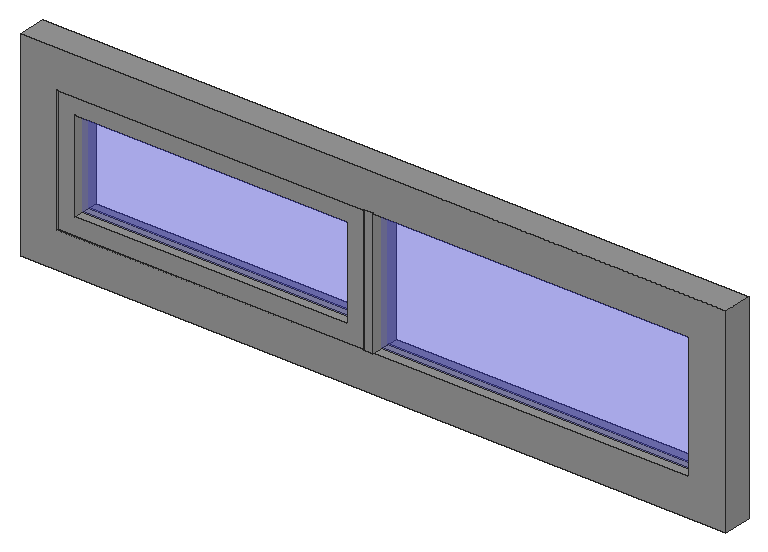
Revit family "Family60", category Windows, host Wall, Revit 2018
Family settings
  Host = Wall
  OmniClass Number = 23.30.20.00
  OmniClass Title = Windows
  Always vertical = Yes
  Cut with Voids When Loaded = No
  Shared = No
  Room Calculation Point = No
Parameters
  Window Frame = 84 mm
  Visual Light Transmittance = 0.81
  URL = "www.skywardwindows.co.za"
  Thermal Resistance (R) = 0.3196 (m²·K)/W
  Telephone = "021 276 1800"
  Solar Heat Gain Coefficient = 0.76
  Manufacturer = "Skyward Windows"
  Height = 590 mm
  Heat Transfer Coefficient (U) = 3.1292 W/(m²·K)
  Glass Thickness = 4 mm
  Glass = Glass
  Frame = White
  Email Address = "info@skywardwindows.co.za"
  Default Sill Height = 800 mm
  Wall Closure = By host
  Width = 2090 mm
  Company Address = "Charles Matthews Street Atlantis 7349"
  Analytic Construction = "Double glazing - domestic"
Reference planes
  plane 1 "Center (Front/Back)": y = 0
  plane 2 "Center (Left/Right)": x = 0
  plane 3 "Left": x = -1045
  plane 4 "Right": x = 1045
  plane 5 "Sill": z = 800
  plane 6 "Head": z = 1390
  plane 7 "Exterior": y = 100
  plane 8 "Interior": y = -100
Forms (mm)
  Extrusion 1, solid, material "White" <- "Frame"
    sketch origin (0, -100, 0) x (1, 0, 0) y (0, 0, 1)
      loop
        line (-1045, 1390) -> (-1045, 800) -> (1045, 800) -> (1045, 1390) -> (-1045, 1390)
      loop
        line (-936, 909) -> (936, 909) -> (936, 1281) -> (-936, 1281) -> (-936, 909)
    from -142 to -58
  Extrusion 2, solid, material "White" <- "Frame"
    sketch origin (0, -100, 0) x (1, 0, 0) y (0, 0, 1)
      loop
        line (-936, 1281) -> (-936, 909) -> (-27.495, 909) -> (-27.495, 1281) -> (-936, 1281)
      loop
        line (-886, 1231) -> (-886, 959) -> (-77.495, 959) -> (-77.495, 1231) -> (-886, 1231)
    from -140 to -60
  Extrusion 3, solid, material "White" <- "Frame"
    sketch origin (0, -100, 0) x (1, 0, 0) y (0, 0, 1)
      loop
        line (-27.495, 1281) -> (-27.495, 909) -> (0, 909) -> (0, 1281) -> (-27.495, 1281)
    from -142 to -58
  Extrusion 4, solid, material "Glass" <- "Glass"
    sketch origin (0, 0, 0) x (1, 0, 0) y (0, 1, 0)
      loop
        line (-886, 14) -> (-886, 10) -> (-77.495, 10) -> (-77.495, 14) -> (-886, 14)
      loop
        line (-886, -10) -> (-886, -14) -> (-77.495, -14) -> (-77.495, -10) -> (-886, -10)
    from 959 to 1231
  Extrusion 5, solid, material "Glass" <- "Glass"
    sketch origin (0, 0, 0) x (1, 0, 0) y (0, 1, 0)
      loop
        line (0, 14) -> (0, 10) -> (936, 10) -> (936, 14) -> (0, 14)
      loop
        line (936, -10) -> (0, -10) -> (0, -14) -> (936, -14) -> (936, -10)
    from 909 to 1281
Lines and regions (mm)
  Opening 1
    outline origin (3500, -100, 0) x (1, 0, 0) y (0, 0, 1)
      loop
        line (-2455, 800) -> (-2455, 1390) -> (-4545, 1390) -> (-4545, 800) -> (-2455, 800)
Text (mm)
  text "EXTERIOR" at (-1963.203, 1332.353, 0), in view "Ref. Level"
  text "INTERIOR" at (-1981.466, -818.386, 0), in view "Ref. Level"
  text "Exterior" at (0, 923.751, 2943.296), in view "Right"
  text "Exterior" at (0, 1040.484, 2685.409), in view "Left"
Dimensions and locks
  equal spacing: plane 3 "Left", plane 2 "Center (Left/Right)", plane 4 "Right"
  "Width": plane 3 "Left" to plane 4 "Right"
  "Height": plane 5 "Sill" to plane 6 "Head"
  "Default Sill Height": plane 5 "Sill" to level
  locked: plane 7 "Exterior" to host wall at 0
  locked: plane 8 "Interior" to host wall
  "Window Frame": Extrusion 1 to Extrusion 1
  "Glass Thickness": Extrusion 4 to Extrusion 4
  "Glass Thickness": Extrusion 5 to Extrusion 5
  aligned and locked: Extrusion 1 sketch curve to host wall  (x4)
  aligned and locked: Extrusion 4 to Extrusion 2
Automatic sketch dimensions
  Opening 1 sketch curve to plane 3 "Left" = 0 mm
  Opening 1 sketch curve to plane 4 "Right" = 0 mm
  Opening 1 sketch curve to plane 5 "Sill" = 0 mm
  Opening 1 sketch curve to plane 6 "Head" = 0 mm
  Extrusion 1 sketch curve to plane 3 "Left" = 109 mm
  plane 4 "Right" to Extrusion 1 sketch curve = 109 mm
  Extrusion 1 sketch curve to plane 5 "Sill" = 109 mm
  plane 6 "Head" to Extrusion 1 sketch curve = 109 mm
  Extrusion 2 sketch curve to plane 3 "Left" = 109 mm
  Extrusion 2 sketch curve to Extrusion 2 sketch curve = 50 mm  (x3)
  plane 2 "Center (Left/Right)" to Extrusion 2 sketch curve = 77.495 mm
  plane 2 "Center (Left/Right)" to Extrusion 2 sketch curve = 27.495 mm
  Extrusion 2 sketch curve to plane 5 "Sill" = 109 mm
  plane 6 "Head" to Extrusion 2 sketch curve = 159 mm
  plane 2 "Center (Left/Right)" to Extrusion 3 sketch curve = 0 mm
  plane 2 "Center (Left/Right)" to Extrusion 3 sketch curve = 27.495 mm
  Extrusion 3 sketch curve to plane 5 "Sill" = 109 mm
  plane 6 "Head" to Extrusion 3 sketch curve = 109 mm
  Extrusion 4 sketch curve to host wall = 14 mm
  Extrusion 4 sketch curve to plane 3 "Left" = 159 mm
  Extrusion 4 sketch curve to Extrusion 4 sketch curve = 0 mm  (x2)
  host wall to Extrusion 4 sketch curve = 10 mm
  plane 2 "Center (Left/Right)" to Extrusion 4 sketch curve = 77.495 mm
  Extrusion 4 sketch curve to Extrusion 4 sketch curve = 4 mm  (x2)
  plane 2 "Center (Left/Right)" to Extrusion 5 sketch curve = 0 mm  (x2)
  Extrusion 5 sketch curve to host wall = 14 mm
  plane 4 "Right" to Extrusion 5 sketch curve = 109 mm
  Extrusion 5 sketch curve to Extrusion 5 sketch curve = 0 mm
  Extrusion 5 sketch curve to Extrusion 5 sketch curve = 4 mm  (x2)
  host wall to Extrusion 5 sketch curve = 10 mm
